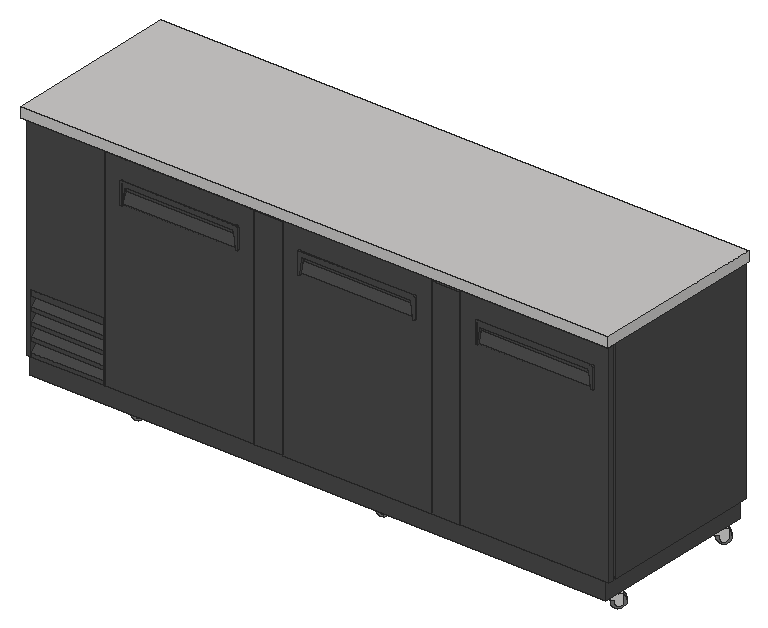
Revit family "QF_Turbo Air_TBB-4SB", category Specialty Equipment, Revit 2014
Parameters (values of type "Black Laminate Exterior")
  Weight in Pounds = 493
  Watermarked By = ""
  Volts = 115 V
  URL Cutsheet = ""
  URL = "www.turboairinc.com"
  Status [instance] = ""
  Specification by User [instance] = ""
  Specification by Manufacturer [instance] = ""
  Serial Number [instance] = ""
  Revision Code [instance] = ""
  Phase = 1
  Number of Poles [instance] = 1
  NAFEM Spec ID Number [instance] = ""
  Model = "TBB-4SB"
  Masterspec [instance] = ""
  Manufacturer = "Turbo Air"  # constant formula
  Item Number [instance] = "-"
  Installed By [instance] = ""
  HP = "1/3"
  Furnished By [instance] = ""
  Foodservice Equipment Identifier = yes
  FL Amps = 7.5 A
  Electrical Remarks [instance] = ""
  Electric Connection Type [instance] = ""
  Elec Conn RI Height [instance] = 0' - 0"
  Elec Conn Connection Height [instance] = CasterLeg Height + 0' 2"  # 0' - 5"
  Description = "Back Bar"
  Cycle = 60 Hz
  Conn Plug = "NEMA 5-15P"
  CasterLeg Height [instance] = if([2 inch Casters], 0' 3", if([4 inch Casters], 0' 5", 0' 6"))  # 0' - 3"
  CSI MasterFormat = "11 46 13"
  Assembly Code = "E1090320"
  Apparent Power = if(Phase = 3, Volts * FL Amps * 1.73, Volts * FL Amps)  # 862.5 VA
  6 inch Legs [instance] = no
  4 inch Casters [instance] = no
  2 inch Casters [instance] = yes
Reference planes (in)
  plane 1 "BACK": y = 0
  plane 2: z = 0
  plane 3 "LEFT": x = -16.56573
  plane 4 "RIGHT": x = 73.80927
  plane 5 "FRONT": y = -27.125
  plane 6 "Bumber Back": y = 2
  plane 7 "Bottom": z = 3
  plane 8 "Counter Top": z = 40
  plane 9 "Counter Bottom": z = 38.4375
  plane 10 "Vent Bottom": z = 5.5625
  plane 11 "Box Left": x = -16.19073
  plane 12 "Vents Left": x = -15.56573
  plane 13 "Vents Right": x = -4.00323
  plane 14 "Doors Back": y = -24.9375
  plane 15 "Vents Front": y = -26.375
  plane 16 "Vent Top": z = 14.8125
  plane 17 "Box Right": x = 73.43427
  plane 18: x = 50.62177
  plane 19: x = 18.80927
  plane 20 "Door Clearance": y = -48.375
  plane 21: x = 34.71552
  plane 22: x = 23.30927
  plane 23: x = 46.12177
Forms (in)
  Extrusion 1, solid, material "QF_Plastic-Black-Fine Textured"
    sketch origin (0, 0, 3) x (0, 1, 0) y (-1, 0, 0)
      loop
        line (-0.625, 15.75323) -> (-26.3125, 15.75323) -> (-26.3125, -72.99677) -> (-0.625, -72.99677) -> (-0.625, 15.75323)
    from 0 to 2.5625
  Extrusion 2, solid, material "QF_Plastic-Black-Fine Textured"
    sketch origin (-15.56573, 0, 0) x (0, 1, 0) y (0, 0, 1)
      loop
        line (-26.375, 12.375) -> (-26.375, 11.8125) -> (-26, 11.8125) -> (-26, 11.875) -> (-26.3125, 11.875) -> (-26.3125, 12.34911) -> (-25.04917, 13.61244) -> (-25.09337, 13.65663) -> (-26.375, 12.375)
      loop
        line (-26.375, 10.3125) -> (-26.375, 9.75) -> (-26, 9.75) -> (-26, 9.8125) -> (-26.3125, 9.8125) -> (-26.3125, 10.28661) -> (-25.04917, 11.54994) -> (-25.09337, 11.59413) -> (-26.375, 10.3125)
      loop
        line (-26.375, 8.25) -> (-26.375, 7.6875) -> (-26, 7.6875) -> (-26, 7.75) -> (-26.3125, 7.75) -> (-26.3125, 8.22411) -> (-25.04917, 9.48744) -> (-25.09337, 9.53163) -> (-26.375, 8.25)
      loop
        line (-26.375, 6.125) -> (-26.375, 5.5625) -> (-25.8125, 5.5625) -> (-25.8125, 5.625) -> (-26.3125, 5.625) -> (-26.3125, 6.09911) -> (-25.04917, 7.36244) -> (-25.09337, 7.40663) -> (-26.375, 6.125)
      loop
        line (-26.375, 14.8125) -> (-26.375, 13.875) -> (-26, 13.875) -> (-26, 13.9375) -> (-26.3125, 13.9375) -> (-26.3125, 14.41161) -> (-25.91161, 14.8125) -> (-26.375, 14.8125)
    from 0 to 11.3125
  Extrusion 3, solid, material "QF_Plastic-Black-Matte"
    sketch origin (0, 2, 0) x (1, 0, 0) y (0, 0, 1)
      loop
        circle (-10.62823, 34.5) r 0.8125
      loop
        circle (67.87177, 34.5) r 0.8125
    from 0 to 2
  Extrusion 4, solid, material "QF_Plastic-Black-Matte"
    sketch origin (0, 0, 0) x (1, 0, 0) y (0, 0, 1)
      loop
        circle (-10.09698, 5) r 0.25
    from 0.625 to 0.5625
  Extrusion 5, solid, material "QF_Plastic-Black-Fine Textured"
    sketch origin (0, 0, 5.5625) x (0, 1, 0) y (-1, 0, 0)
      loop
        line (0, 16.19073) -> (-24.9375, 16.19073) -> (-24.9375, -73.43427) -> (0, -73.43427) -> (0, 16.19073)
    from 0 to 32.875
  Extrusion 6, solid, material "QF_Plastic-Black-Fine Textured"
    sketch origin (0, -24.9375, 0) x (1, 0, 0) y (0, 0, 1)
      loop
        line (-16.19073, 38.4375) -> (-16.19073, 5.5625) -> (-15.56573, 5.5625) -> (-15.56573, 14.8125) -> (-4.25323, 14.8125) -> (-4.25323, 5.5625) -> (-4.12823, 5.5625) -> (-4.12823, 38.4375) -> (-16.19073, 38.4375)
    from 0 to 1.4375
  Extrusion 7, solid, material "QF_Stainless-Polished"
    sketch origin (0, 0, 38.4375) x (0, 1, 0) y (-1, 0, 0)
      loop
        line (0, 16.56573) -> (-27.125, 16.56573) -> (-27.125, -73.80927) -> (0, -73.80927) -> (0, 16.56573)
    from 0 to 1.5625
  Extrusion 8, solid, material "QF_Clearance", detail levels coarse+medium
    sketch origin (0, 0, 5.5625) x (0, 1, 0) y (-1, 0, 0)
      loop
        line (-48.375, -73.43427) -> (-26.375, -73.43427) -> (-26.375, -50.62177)
        arc (-26.375, -50.62177) -> (-41.98315, -57.584) -> (-48.375, -73.43427) r 22.8125
    from 0 to 32.3125
  Extrusion 9, solid, material "QF_Clearance", detail levels coarse+medium
    sketch origin (0, 0, 5.5625) x (0, 1, 0) y (-1, 0, 0)
      loop
        arc (-48.375, 4.00323) -> (-41.98315, -11.84705) -> (-26.375, -18.80927) r 22.8125
        line (-26.375, -18.80927) -> (-26.375, 4.00323) -> (-48.375, 4.00323)
    from 0 to 32.3125
  Extrusion 10, solid, material "QF_Plastic-Black-Fine Textured"
    sketch origin (0, -24.9375, 0) x (1, 0, 0) y (0, 0, 1)
      loop
        line (18.93427, 37.75) -> (18.93427, 5.5625) -> (23.18427, 5.5625) -> (23.18427, 37.75) -> (18.93427, 37.75)
      loop
        line (46.24677, 37.75) -> (46.24677, 5.5625) -> (50.49677, 5.5625) -> (50.49677, 37.75) -> (46.24677, 37.75)
    from 0 to 1.4375
  Extrusion 11, solid, material "QF_Clearance", detail levels coarse+medium
    sketch origin (42.11855, 0, 5.5625) x (0, 1, 0) y (-1, 0, 0)
      loop
        line (-48.375, -4.00323) -> (-26.375, -4.00323) -> (-26.375, 18.80927)
        arc (-26.375, 18.80927) -> (-41.98315, 11.84705) -> (-48.375, -4.00323) r 22.8125
    from 0 to 32.3125
Lines and regions (in)
  symbolic lines
    curve 1: line (-16.56573, 0, 3) -> (73.80927, 0, 3)
    curve 2: line (-16.56573, -27.125, 3) -> (-16.56573, 0, 3)
    curve 3: line (73.80927, -27.125, 3) -> (-16.56573, -27.125, 3)
    curve 4: line (73.80927, 0, 3) -> (73.80927, -27.125, 3)
    curve 5: line (-11.44073, 2, 3) -> (-9.81573, 2, 3)
    curve 6: line (67.05927, 2, 3) -> (68.68427, 2, 3)
    curve 7: line (-11.44073, 2, 3) -> (-11.44073, 0, 3)
    curve 8: line (-9.81573, 2, 3) -> (-9.81573, 0, 3)
    curve 9: line (67.05927, 2, 3) -> (67.05927, 0, 3)
    curve 10: line (68.68427, 2, 3) -> (68.68427, 0, 3)
  symbolic lines, style "QF_Clearances_Door_Drawer", detail levels coarse+medium
    curve 11: line (-4.00323, -27.125, 5.5625) -> (-4.00323, -48.375, 5.5625)
    curve 12: arc (-4.00323, -48.375, 5.5625) -> (11.57461, -42.24159, 5.5625) -> (18.77018, -27.125, 5.5625) r 22.8125
    curve 13: line (73.43427, -27.125, 5.5625) -> (73.43427, -48.375, 5.5625)
    curve 14: arc (73.43427, -48.375, 5.5625) -> (57.85644, -42.24159, 5.5625) -> (50.66087, -27.125, 5.5625) r 22.8125
    curve 15: line (46.12177, -27.125, 5.5625) -> (46.12177, -48.375, 5.5625)
    curve 16: arc (46.12177, -48.375, 5.5625) -> (30.54394, -42.24159, 5.5625) -> (23.34837, -27.125, 5.5625) r 22.8125
    curve 17: arc (46.12177, -48.375, 5.5625) -> (30.54394, -42.24159, 5.5625) -> (23.34837, -27.125, 5.5625) r 22.8125
Dimensions and locks (in)
  plane 4 "RIGHT" to plane 3 "LEFT" = 7' - 6 3/8"
  locked: plane 5 "FRONT" to plane 1 "BACK" at 27.125
  locked: plane 1 "BACK" to plane 6 "Bumber Back" at 2
  "CasterLeg Height": plane 7 "Bottom" to level
  locked: plane 8 "Counter Top" to plane 7 "Bottom" at 37
  locked: plane 8 "Counter Top" to plane 9 "Counter Bottom" at 1.5625
  locked: plane 10 "Vent Bottom" to plane 7 "Bottom" at 2.5625
  locked: Extrusion 1 sketch curve to plane 1 "BACK" at 0.625
  locked: plane 3 "LEFT" to Extrusion 1 sketch curve at 0.8125
  locked: Extrusion 1 sketch curve to plane 4 "RIGHT" at 0.8125
  locked: plane 3 "LEFT" to nested 1 at 3
  locked: nested 1 to plane 1 "BACK" at 3
  locked: nested 3 to plane 1 "BACK" at 3
  locked: nested 3 to plane 4 "RIGHT" at 3
  locked: plane 3 "LEFT" to nested 4 at 13.5625
  locked: nested 5 to plane 4 "RIGHT" at 3
  locked: plane 9 "Counter Bottom" to Extrusion 3 sketch curve at 3.9375  (x2)
  locked: Extrusion 3 sketch curve to plane 3 "LEFT" at 5.9375
  locked: plane 4 "RIGHT" to Extrusion 3 sketch curve at 5.9375
  locked: Extrusion 4 sketch curve to plane 7 "Bottom" at 2
  locked: plane 3 "LEFT" to plane 11 "Box Left" at 0.375
  locked: plane 5 "FRONT" to plane 14 "Doors Back" at 2.1875
  locked: plane 5 "FRONT" to plane 15 "Vents Front" at 0.75
  locked: plane 16 "Vent Top" to plane 10 "Vent Bottom" at 9.25
  locked: plane 5 "FRONT" to nested 7 at 3.875
  locked: plane 5 "FRONT" to nested 8 at 3.875
  plane 11 "Box Left" to plane 13 "Vents Right" = 1' - 0 3/16"
  locked: plane 17 "Box Right" to plane 4 "RIGHT" at 0.375
  locked: plane 11 "Box Left" to plane 12 "Vents Left" at 0.625
  locked: Extrusion 6 sketch curve to plane 13 "Vents Right" at 0.125
  locked: Extrusion 6 sketch curve to Extrusion 6 sketch curve at 0.125
  locked: nested 10 to plane 1 "BACK" at 3
  locked: plane 5 "FRONT" to nested 11 at 3.875
  equal spacing: plane 13 "Vents Right", nested 10, plane 17 "Box Right"
  equal spacing: plane 13 "Vents Right", nested 11, plane 17 "Box Right"
  locked: plane 20 "Door Clearance" to plane 1 "BACK" at 48.375
  locked: plane 18 to plane 17 "Box Right" at 22.8125
  locked: plane 13 "Vents Right" to plane 19 at 22.8125
  equal spacing: plane 13 "Vents Right", plane 21, plane 17 "Box Right"
  locked: plane 22 to plane 21 at 11.40625
  locked: plane 21 to plane 23 at 11.40625
  equal spacing: plane 13 "Vents Right", Extrusion 4 sketch curve, plane 11 "Box Left"
  locked: plane 9 "Counter Bottom" to Extrusion 10 sketch curve at 0.6875  (x2)
  locked: Extrusion 10 sketch curve to plane 18 at 0.125
  locked: Extrusion 10 sketch curve to plane 23 at 0.125
  locked: Extrusion 10 sketch curve to plane 19 at 0.125
  locked: Extrusion 10 sketch curve to plane 22 at 0.125
  aligned and locked: level to plane 2
  aligned and locked: plane 10 "Vent Bottom" to Extrusion 1
  aligned and locked: nested 1 to nested 2
  aligned and locked: nested 2 to nested 1
  aligned and locked: nested 6 to nested 3  (x2)
  aligned and locked: nested 4 to nested 8
  aligned and locked: nested 8 to nested 4
  aligned and locked: nested 7 to nested 5  (x2)
  aligned and locked: plane 1 "BACK" to Extrusion 3
  aligned and locked: plane 3 "LEFT" to curve 2
  aligned and locked: curve 3 to plane 5 "FRONT"
  aligned and locked: plane 1 "BACK" to curve 1
  aligned and locked: curve 5 to Extrusion 3
  aligned and locked: curve 6 to Extrusion 3
  aligned and locked: nested 9 to plane 10 "Vent Bottom"
  aligned and locked: plane 1 "BACK" to Extrusion 5 sketch curve
  aligned and locked: plane 11 "Box Left" to Extrusion 5 sketch curve
  aligned and locked: Extrusion 5 sketch curve to plane 14 "Doors Back"
  aligned and locked: Extrusion 5 sketch curve to plane 17 "Box Right"
  aligned and locked: plane 9 "Counter Bottom" to Extrusion 5
  aligned and locked: plane 13 "Vents Right" to nested 9
  aligned and locked: plane 19 to nested 9
  aligned and locked: plane 10 "Vent Bottom" to Extrusion 6 sketch curve
  aligned and locked: Extrusion 6 sketch curve to plane 10 "Vent Bottom"
  aligned and locked: plane 11 "Box Left" to Extrusion 6 sketch curve
  aligned and locked: Extrusion 6 sketch curve to plane 16 "Vent Top"
  aligned and locked: Extrusion 6 sketch curve to plane 9 "Counter Bottom"
  aligned and locked: Extrusion 6 sketch curve to plane 12 "Vents Left"
  aligned and locked: plane 15 "Vents Front" to Extrusion 6
  aligned and locked: Extrusion 2 sketch curve to plane 16 "Vent Top"
  aligned and locked: Extrusion 2 to Extrusion 6
  aligned and locked: plane 3 "LEFT" to Extrusion 7 sketch curve
  aligned and locked: Extrusion 7 sketch curve to plane 5 "FRONT"
  aligned and locked: Extrusion 7 sketch curve to plane 4 "RIGHT"
  aligned and locked: plane 1 "BACK" to Extrusion 7 sketch curve
  aligned and locked: plane 8 "Counter Top" to Extrusion 7
  aligned and locked: nested 10 to nested 12
  aligned and locked: nested 12 to nested 10
  aligned and locked: nested 11 to nested 13
  aligned and locked: nested 13 to nested 11
  aligned and locked: Extrusion 9 to nested 9
  aligned and locked: Extrusion 8 to nested 9
  aligned and locked: plane 10 "Vent Bottom" to nested 15
  aligned and locked: nested 14 to plane 10 "Vent Bottom"
  aligned and locked: plane 10 "Vent Bottom" to Extrusion 10 sketch curve  (x2)
Automatic sketch dimensions
  Extrusion 1 sketch curve to plane 15 "Vents Front" = 0' - 0 1/16"
  Extrusion 2 sketch curve to plane 15 "Vents Front" = 0' - 0"  (x5)
  Extrusion 2 sketch curve to plane 10 "Vent Bottom" = 0' - 0"
  Extrusion 2 sketch curve to plane 15 "Vents Front" = 0' - 0 1/16"  (x5)
  Extrusion 2 sketch curve to Extrusion 2 sketch curve = 0' - 0 5/16"  (x4)
  Extrusion 2 sketch curve to plane 15 "Vents Front" = 0' - 0.46339"
  Extrusion 2 sketch curve to Extrusion 2 sketch curve = 0' - 0 1/2"
  plane 14 "Doors Back" to Extrusion 2 sketch curve = 0' - 0.15587"  (x4)
  Extrusion 2 sketch curve to Extrusion 2 sketch curve = 0' - 0.04419"  (x4)
  plane 10 "Vent Bottom" to Extrusion 2 sketch curve = 0' - 0 1/16"
  Extrusion 2 sketch curve to Extrusion 2 sketch curve = 0' - 0.47411"  (x4)
  Extrusion 2 sketch curve to Extrusion 2 sketch curve = 0' - 0.02589"  (x4)
  Extrusion 2 sketch curve to Extrusion 2 sketch curve = 0' - 0.28087"
  Extrusion 2 sketch curve to Extrusion 2 sketch curve = 0' - 0 1/16"  (x4)
  Extrusion 2 sketch curve to Extrusion 2 sketch curve = 0' - 0.21837"  (x2)
  Extrusion 2 sketch curve to Extrusion 2 sketch curve = 0' - 0 15/16"
  Extrusion 2 sketch curve to plane 16 "Vent Top" = 0' - 0.40089"
  curve 1 to plane 4 "RIGHT" = 0' - 0"
  curve 10 to plane 17 "Box Right" = 0' - 4 3/4"
  curve 6 to curve 9 = 0' - 1 5/8"
  plane 12 "Vents Left" to curve 5 = 0' - 5 3/4"
  curve 5 to curve 7 = 0' - 1 5/8"
  curve 16 to curve 17 = 0' - 0"  (x2)
  curve 11 to plane 13 "Vents Right" = 0' - 0"
  plane 20 "Door Clearance" to curve 11 = 0' - 0"
  plane 20 "Door Clearance" to curve 17 = 0' - 0"
  curve 14 to plane 17 "Box Right" = 0' - 0"
  plane 20 "Door Clearance" to curve 14 = 0' - 0"
  plane 5 "FRONT" to curve 14 = 0' - 0"
  plane 5 "FRONT" to curve 15 = 0' - 0"
  plane 5 "FRONT" to curve 12 = 0' - 0"
  plane 5 "FRONT" to curve 13 = 0' - 0"
  plane 5 "FRONT" to curve 16 = 0' - 0"
  plane 5 "FRONT" to curve 11 = 0' - 0"
  plane 5 "FRONT" to curve 17 = 0' - 0"
  curve 17 to plane 23 = 0' - 0"
  curve 14 to plane 17 "Box Right" = 0' - 0.01447"
  plane 14 "Doors Back" to curve 14 = 0' - 0 5/8"
  plane 23 to curve 17 = 0' - 0.01447"
  plane 14 "Doors Back" to curve 17 = 0' - 0 5/8"
  plane 13 "Vents Right" to curve 12 = 0' - 0.01447"
  plane 14 "Doors Back" to curve 12 = 0' - 0 5/8"
  Extrusion 8 sketch curve to plane 17 "Box Right" = 0' - 0"
  plane 20 "Door Clearance" to Extrusion 8 sketch curve = 0' - 0"
  plane 15 "Vents Front" to Extrusion 8 sketch curve = 0' - 0"
  Extrusion 8 sketch curve to plane 18 = 0' - 0"
  Extrusion 8 sketch curve to plane 17 "Box Right" = 0' - 0.01447"
  Extrusion 9 sketch curve to plane 13 "Vents Right" = 0' - 0"
  plane 20 "Door Clearance" to Extrusion 9 sketch curve = 0' - 0"
  plane 15 "Vents Front" to Extrusion 9 sketch curve = 0' - 0"
  Extrusion 9 sketch curve to plane 19 = 0' - 0"
  plane 13 "Vents Right" to Extrusion 9 sketch curve = 0' - 0.01447"
  plane 20 "Door Clearance" to Extrusion 11 sketch curve = 0' - 0"
  plane 15 "Vents Front" to Extrusion 11 sketch curve = 0' - 0"
  Extrusion 11 sketch curve to plane 22 = 0' - 0"
  Extrusion 11 sketch curve to plane 23 = 0' - 0"
  Extrusion 11 sketch curve to plane 23 = 0' - 0.01447"
  radius of Extrusion 3 sketch curve = 0' - 0 13/16"  (x2)
  radius of Extrusion 4 sketch curve = 0' - 0 1/4"
Nested families (in)
  nested 1: "FESCasterLeg2014" at (-13.56573, -3, 0), Casters <- "4 inch Casters", Legs <- "6 inch Legs", Height <- "CasterLeg Height", type "FESCasterLeg2014"
    with Legs no, Height 0' - 3", Casters no, Caster Radius 0' - 1"
  nested 2: "FES3Caster-2014" at (-13.56573, -3, 0), visible <- "2 inch Casters", type "FES3Caster"
  nested 3: "FESCasterLeg2014" at (70.80927, -3, 0), Casters <- "4 inch Casters", Legs <- "6 inch Legs", Height <- "CasterLeg Height", type "FESCasterLeg2014"
    with Legs no, Height 0' - 3", Casters no, Caster Radius 0' - 1"
  nested 4: "FESCasterLeg2014" at (-3.00323, -23.25, 0), Casters <- "4 inch Casters", Legs <- "6 inch Legs", Height <- "CasterLeg Height", type "FESCasterLeg2014"
    with Legs no, Height 0' - 3", Casters no, Caster Radius 0' - 1"
  nested 5: "FESCasterLeg2014" at (70.80927, -23.25, 0), Casters <- "4 inch Casters", Legs <- "6 inch Legs", Height <- "CasterLeg Height", type "FESCasterLeg2014"
    with Legs no, Height 0' - 3", Casters no, Caster Radius 0' - 1"
  nested 6: "FES3Caster-2014" at (70.80927, -3, 0), visible <- "2 inch Casters", type "FES3Caster"
  nested 7: "FES3Caster-2014" at (70.80927, -23.25, 0), visible <- "2 inch Casters", type "FES3Caster"
  nested 8: "FES3Caster-2014" at (-3.00323, -23.25, 0), visible <- "2 inch Casters", type "FES3Caster"
  nested 9: "QF_Turbo Air_UC-Solid Door" at (12.5625, -24.9375, 5.5625), type "QF_Turbo Air_UC-Solid Door"
    with Width 1' - 10 13/16", Symbolic Lines no, Height 2' - 8 5/16", Handle Distance 0' - 2 3/8", Door Material QF_Plastic-Black-Fine Textured
  nested 10: "FES3Caster-2014" at (34.71552, -3, 0), visible <- "2 inch Casters", type "FES3Caster"
  nested 11: "FES3Caster-2014" at (34.71552, -23.25, 0), visible <- "2 inch Casters", type "FES3Caster"
  nested 12: "FESCasterLeg2014" at (34.71552, -3, 0), Casters <- "4 inch Casters", Legs <- "6 inch Legs", Height <- "CasterLeg Height", type "FESCasterLeg2014"
    with Legs no, Height 0' - 3", Casters no, Caster Radius 0' - 1"
  nested 13: "FESCasterLeg2014" at (34.71552, -23.25, 0), Casters <- "4 inch Casters", Legs <- "6 inch Legs", Height <- "CasterLeg Height", type "FESCasterLeg2014"
    with Legs no, Height 0' - 3", Casters no, Caster Radius 0' - 1"
  nested 14: "QF_Turbo Air_UC-Solid Door" at (39.875, -24.9375, 5.5625), type "QF_Turbo Air_UC-Solid Door"
    with Width 1' - 10 13/16", Symbolic Lines no, Height 2' - 8 5/16", Handle Distance 0' - 2 3/8", Door Material QF_Plastic-Black-Fine Textured
  nested 15: "QF_Turbo Air_UC-Solid Door" at (56.86855, -24.9375, 5.5625) x (-1, 0, 0) z (0, 0, 1), type "QF_Turbo Air_UC-Solid Door"
    with Width 1' - 10 13/16", Symbolic Lines no, Height 2' - 8 5/16", Handle Distance 0' - 2 3/8", Door Material QF_Plastic-Black-Fine Textured
Connectors (in)
  electrical at (-10.09698, -0.5625, 5), driven by "Number of Poles", driven by "Volts", driven by "Apparent Power"
    settings: on Extrusion 4, index 1, voltage 115 V, apparent load 862.5 VA, apparent load phase1 0 VA, apparent load phase2 0 VA, apparent load phase3 0 VA, power factor 1, load classification "Other", number of poles 1, system type 30, power factor state 1, is connector primary yes, connector utility no, sub classification motor no, connector description "Electric"
Definition of nested family "FES3Caster-2014"
  Parameters (values of type "FES3Caster-2014")
    Watermarked By = "http://revitwatermark.com"
    Type Comments = ""
    Assembly Code = ""
  Reference planes (in)
    plane 1 "Center (Front/Back)": y = 0
    plane 2: z = 0
    plane 3 "Center (Left/Right)": x = 0
    plane 4: z = 3
    plane 5: z = 2.5
  Forms (in)
    Extrusion 1, solid, material "QF_Stainless-Polished-Brushed"
      sketch origin (-24.12131, -22.88887, 10.18833) x (0.707107, 0.707107, 0) y (0, 0, 1)
        loop
          line (34.98772, -9.18833) -> (34.98772, -7.93833) -> (34.48772, -7.93833) -> (34.39402, -7.68833) -> (32.39402, -7.68833) -> (32.39402, -8.43833) -> (33.98772, -8.84206) -> (33.98772, -9.18833)
          arc (33.98772, -9.18833) -> (34.48772, -9.68833) -> (34.98772, -9.18833) r 0.5
      from 0 to 1.75
    Extrusion 2, solid, material "QF_Rubber-Black"
      sketch origin (-24.32327, -23.09083, 13.31461) x (0.707107, 0.707107, 0) y (0, 0, 1)
        loop
          circle (34.77334, -12.31461) r 1
      from 0.375 to 1.375
    Extrusion 3, solid, material "QF_Stainless-Polished-Brushed"
      sketch origin (-7.24148, -8.48391, 0) x (0.707107, 0.707107, 0) y (0, 0, 1)
        loop
          line (10.61603, 2.5) -> (11.61603, 2.5) -> (11.61603, 3) -> (10.61603, 3) -> (10.61603, 2.5)
      from 0 to -1.75
  Lines and regions (in)
    symbolic lines, style "QF_Hidden Details"
      curve 1: line (-1.26158, -0.51911, 0) -> (1.39007, 2.13254, 0)
      curve 2: line (-0.53429, -1.24639, 0) -> (2.11736, 1.40526, 0)
      curve 3: line (-1.26158, -0.51911, 0) -> (1.39007, 2.13254, 0)
      curve 4: line (-0.53429, -1.24639, 0) -> (2.11736, 1.40526, 0)
  Dimensions and locks (in)
    locked: plane 4 to plane 5 at 0.5
    plane 4 to level = 0' - 3"
    Extrusion 2 sketch curve to level = 0' - 1"
    Extrusion 1 sketch curve to level = 0' - 1"
    radius of Extrusion 2 sketch curve = 0' - 1"
    aligned and locked: plane 2 to level
    aligned and locked: Extrusion 3 to plane 5
    aligned and locked: plane 4 to Extrusion 3
    aligned and locked: plane 5 to Extrusion 1
Definition of nested family "QF_Turbo Air_UC-Solid Door"
  Parameters (values of type "QF_Turbo Air_UC-Solid Door")
    Width [instance] = 1' - 10 13/16"
    Watermarked By = ""
    URL = "www.turboairinc.com"
    Symbolic Lines [instance] = yes
    Manufacturer = "Turbo Air"  # constant formula
    Height [instance] = 2' - 8 5/16"
    Handle Distance [instance] = 0' - 2 3/8"
    Door Material [instance] = QF_Stainless-Polished
  Reference planes (in)
    plane 1 "BACK": y = 0
    plane 2: z = 0
    plane 3 "LEFT": x = -16.56573
    plane 4 "RIGHT": x = 6.24677
    plane 5 "Handle Right": x = 3.87177
    plane 6: x = 3.68427
    plane 7 "Handle Left": x = -14.25323
    plane 8: x = -14.06573
    plane 9 "Door Back": y = -0.625
    plane 10 "FRONT": y = -1.4375
    plane 11 "TOP": z = 32.3125
    plane 12 "Handle Top": z = 29.25
    plane 13 "Handle Bottom": z = 25.875
    plane 14: z = 29.0625
    plane 15: z = 26.0625
  Forms (in)
    Extrusion 1, solid, material "QF_Plastic-Black-Matte"
      sketch origin (0, 0, 0) x (1, 0, 0) y (0, 0, 1)
        loop
          line (-14.69073, 29.75) -> (-14.69073, 1.875) -> (4.37177, 1.875) -> (4.37177, 29.75) -> (-14.69073, 29.75)
      from 0 to 0.625
    Extrusion 2, solid, material "QF_Stainless-Polished" <- "Door Material"
      sketch origin (0, -0.625, 0) x (1, 0, 0) y (0, 0, 1)
        loop
          line (-16.56573, 32.3125) -> (-16.56573, 0) -> (6.24677, 0) -> (6.24677, 32.3125) -> (-16.56573, 32.3125)
        loop
          line (-14.06573, 29.0625) -> (-14.06573, 26.0625) -> (3.68427, 26.0625) -> (3.68427, 29.0625) -> (-14.06573, 29.0625)
      from 0 to 0.8125
    Extrusion 3, solid, material "QF_Stainless-Polished" <- "Door Material"
      sketch origin (-14.25323, 0, 0) x (0, 1, 0) y (0, 0, 1)
        loop
          line (-1.4375, 26.0625) -> (-0.625, 26.0625) -> (-0.625, 29.0625) -> (-0.6875, 29.0625) -> (-0.6875, 27.44712) -> (-1.4375, 26.0625)
      from 0.1875 to 17.9375
    Extrusion 4, solid, material "QF_Plastic-Black-Matte"
      sketch origin (0, -1.4375, 0) x (1, 0, 0) y (0, 0, 1)
        loop
          line (-14.25323, 29) -> (-14.25323, 25.9375)
          arc (-14.25323, 25.9375) -> (-14.23492, 25.89331) -> (-14.19073, 25.875) r 0.0625
          line (-14.19073, 25.875) -> (-13.93357, 25.875)
          arc (-13.93357, 25.875) -> (-13.89213, 25.89071) -> (-13.87153, 25.92993) r 0.0625
          line (-13.87153, 25.92993) -> (-13.58582, 28.2727)
          arc (-13.58582, 28.2727) -> (-13.524, 28.39038) -> (-13.3997, 28.4375) r 0.1875
          line (-13.3997, 28.4375) -> (3.01825, 28.4375)
          arc (3.01825, 28.4375) -> (3.14255, 28.39038) -> (3.20437, 28.2727) r 0.1875
          line (3.20437, 28.2727) -> (3.49008, 25.92993)
          arc (3.49008, 25.92993) -> (3.51068, 25.89071) -> (3.55212, 25.875) r 0.0625
          line (3.55212, 25.875) -> (3.80927, 25.875)
          arc (3.80927, 25.875) -> (3.85347, 25.89331) -> (3.87177, 25.9375) r 0.0625
          line (3.87177, 25.9375) -> (3.87177, 29)
          arc (3.87177, 29) -> (3.79855, 29.17678) -> (3.62177, 29.25) r 0.25
          line (3.62177, 29.25) -> (-14.00323, 29.25)
          arc (-14.00323, 29.25) -> (-14.18, 29.17678) -> (-14.25323, 29) r 0.25
      from 0 to 0.125
  Lines and regions (in)
    symbolic lines, visible <- "Symbolic Lines"
      curve 1: line (-16.56573, -0.625, 0) -> (6.24677, -0.625, 0)
      curve 2: line (-16.56573, -1.4375, 0) -> (-16.56573, -0.625, 0)
      curve 3: line (6.24677, -1.4375, 0) -> (-16.56573, -1.4375, 0)
      curve 4: line (6.24677, -0.625, 0) -> (6.24677, -1.4375, 0)
      curve 5: line (-14.69073, 0, 0) -> (-14.69073, -0.625, 0)
      curve 6: line (4.37177, -0.625, 0) -> (4.37177, 0, 0)
      curve 7: line (4.37177, 0, 0) -> (-14.69073, 0, 0)
  Dimensions and locks (in)
    "Width": plane 4 "RIGHT" to plane 3 "LEFT"
    "Handle Distance": plane 5 "Handle Right" to plane 4 "RIGHT"
    locked: plane 6 to plane 5 "Handle Right" at 0.1875
    locked: plane 7 "Handle Left" to plane 8 at 0.1875
    locked: plane 7 "Handle Left" to plane 5 "Handle Right" at 18.125
    locked: plane 9 "Door Back" to plane 1 "BACK" at 0.625
    locked: plane 10 "FRONT" to plane 9 "Door Back" at 0.8125
    "Height": plane 11 "TOP" to plane 2
    locked: plane 11 "TOP" to plane 12 "Handle Top" at 3.0625
    locked: plane 12 "Handle Top" to plane 13 "Handle Bottom" at 3.375
    locked: plane 12 "Handle Top" to plane 14 at 0.1875
    locked: plane 15 to plane 13 "Handle Bottom" at 0.1875
    locked: Extrusion 1 sketch curve to plane 3 "LEFT" at 1.875
    locked: plane 11 "TOP" to Extrusion 1 sketch curve at 2.5625
    locked: Extrusion 1 sketch curve to plane 4 "RIGHT" at 1.875
    locked: Extrusion 1 sketch curve to level at 1.875
    locked: Extrusion 3 sketch curve to plane 9 "Door Back" at 0.0625
    locked: Extrusion 3 sketch curve to plane 15 at 1.38462
    locked: plane 12 "Handle Top" to Extrusion 4 sketch curve at 0.8125
    locked: Extrusion 4 sketch curve to plane 13 "Handle Bottom" at 2.3977  (x2)
    locked: Extrusion 4 sketch curve to plane 7 "Handle Left" at 0.6674
    locked: Extrusion 4 sketch curve to plane 7 "Handle Left" at 0.85352
    locked: plane 5 "Handle Right" to Extrusion 4 sketch curve at 0.6674
    locked: plane 5 "Handle Right" to Extrusion 4 sketch curve at 0.85352
    aligned and locked: level to plane 2
    aligned and locked: plane 9 "Door Back" to Extrusion 1
    aligned and locked: Extrusion 2 sketch curve to plane 11 "TOP"
    aligned and locked: plane 3 "LEFT" to Extrusion 2 sketch curve
    aligned and locked: level to Extrusion 2 sketch curve
    aligned and locked: Extrusion 2 sketch curve to plane 4 "RIGHT"
    aligned and locked: Extrusion 2 sketch curve to plane 14
    aligned and locked: plane 8 to Extrusion 2 sketch curve
    aligned and locked: plane 15 to Extrusion 2 sketch curve
    aligned and locked: Extrusion 2 sketch curve to plane 6
    aligned and locked: plane 10 "FRONT" to Extrusion 2
    aligned and locked: plane 15 to Extrusion 3 sketch curve
    aligned and locked: plane 9 "Door Back" to Extrusion 3 sketch curve
    aligned and locked: Extrusion 3 to plane 8
    aligned and locked: plane 6 to Extrusion 3
    aligned and locked: Extrusion 3 sketch curve to plane 14
    aligned and locked: Extrusion 4 sketch curve to plane 12 "Handle Top"
    aligned and locked: Extrusion 4 sketch curve to plane 7 "Handle Left"
    aligned and locked: Extrusion 4 sketch curve to plane 13 "Handle Bottom"
    aligned and locked: plane 13 "Handle Bottom" to Extrusion 4 sketch curve
    aligned and locked: Extrusion 4 sketch curve to plane 5 "Handle Right"
    aligned and locked: plane 9 "Door Back" to curve 1
    aligned and locked: plane 3 "LEFT" to curve 2
    aligned and locked: curve 3 to plane 10 "FRONT"
    aligned and locked: curve 4 to plane 4 "RIGHT"
    aligned and locked: curve 5 to Extrusion 1
    aligned and locked: curve 6 to Extrusion 1
    aligned and locked: curve 7 to Extrusion 1
  Automatic sketch dimensions
    Extrusion 3 sketch curve to plane 10 "FRONT" = 0' - 0"
    plane 7 "Handle Left" to Extrusion 4 sketch curve = 0' - 0 1/16"
    plane 8 to Extrusion 4 sketch curve = 0' - 0 1/16"
    plane 13 "Handle Bottom" to Extrusion 4 sketch curve = 0' - 0 1/16"  (x2)
    plane 8 to Extrusion 4 sketch curve = 0' - 0.13216"
    plane 13 "Handle Bottom" to Extrusion 4 sketch curve = 0' - 0.05493"  (x2)
    Extrusion 4 sketch curve to plane 6 = 0' - 0.1942"
    Extrusion 4 sketch curve to plane 6 = 0' - 0 1/16"
    Extrusion 4 sketch curve to plane 5 "Handle Right" = 0' - 0 1/16"
Definition of nested family "FESCasterLeg2014"
  Parameters (values of type "FESCasterLeg2014")
    Watermarked By = "http://revitwatermark.com"
    Type Comments = "⍁⍉⌁⌀⏭⎽⌇⍠⌜⍉⎖⌥⌦⌯⍭⏊⍻⍿⍊⏵⍊⏗⏠⍴⎡⌈⎀⍠⌓⌤⏘⎐⍀⌐⏬⏁⎈⏍⏦⎒⏬⌝⍩⍇⌣〈⎫〉⎁⏊⍥⍖⍥⍝⍦⌖⍀⏌⏭⎝⎼⏷⏞⍻⏯⎽⏷⏞⍻⏯⎽⏷⎺⌻⎝⍎⌧⏷⏟⏿⌿⍜⍦⍤⌁⍬⏶⏎⍊⏚⏉⎞⌡⎀⎪⏈⌟⌿⍾⍼⌟⌿⌢⌞⏜⏝⎽⍷⍷⍯⍧⍷⌯⍽⏸⏨⏾⏎⌣⏺⍹⏼⏅⎏⌽⎫⎪⍙⎓⏗⎗⏅⌴⍏⍏⍿⏑⎺⍘⌭⏲⍥⎛⎾⎾⍞⍌⎪⎲⌙⎥⏏⎟⎟⏼⏘⎏⎝⏧⏍⏁⍏⍧⏯⏾⌟"
    Legs [instance] = yes
    Height [instance] = 0' - 6"
    Caster Radius [instance] = if(Height < 0' 3", 0' 1", (Height / 2) - 0' 0 1/2")  # 0' - 2 1/2"
    Casters [instance] = yes
    Assembly Code = ""
  Reference planes (in)
    plane 1 "Center (Front/Back)": y = 0
    plane 2: z = 0
    plane 3 "Center (Left/Right)": x = 0
    plane 4: z = 6
    plane 5: z = 5.5
  Forms (in)
    Extrusion 1, solid, material "QF_Stainless-Polished", visible <- "Casters"
      sketch origin (-24.12131, -22.88887, 10.18833) x (0.707107, 0.707107, 0) y (0, 0, 1)
        loop
          line (34.98772, -7.68833) -> (34.98772, -4.93833) -> (34.48772, -4.93833) -> (34.39402, -4.68833) -> (32.39402, -4.68833) -> (32.39402, -5.43833) -> (33.98772, -7.34206) -> (33.98772, -7.68833)
          arc (33.98772, -7.68833) -> (34.48772, -8.18833) -> (34.98772, -7.68833) r 0.5
      from 0 to 1.75
    Extrusion 2, solid, material "QF_Rubber-Black", visible <- "Casters"
      sketch origin (-24.32327, -23.09083, 13.31461) x (0.707107, 0.707107, 0) y (0, 0, 1)
        loop
          circle (34.77334, -10.81461) r 2.5
      from 0.375 to 1.375
    Extrusion 3, solid, material "QF_Stainless-Polished", visible <- "Casters"
      sketch origin (-7.24148, -8.48391, 0) x (0.707107, 0.707107, 0) y (0, 0, 1)
        loop
          line (10.61603, 5.5) -> (11.61603, 5.5) -> (11.61603, 6) -> (10.61603, 6) -> (10.61603, 5.5)
      from 0 to -1.75
    Blend 4, solid, material "QF_Stainless-Polished", visible <- "Legs"
      base sketch origin (0, 0, 0) x (1, 0, 0) y (0, 1, 0)
        loop
          circle (0, 0) r 0.5
      top sketch origin (0, 0, 0) x (1, 0, 0) y (0, 1, 0)
        loop
          circle (0, 0) r 1
      from 0 to 6 <- "Height"
  Lines and regions (in)
    symbolic lines, style "QF_Hidden Details", visible <- "Casters", built-in parameter 1006206 <- "Casters"
      curve 1: line (-1.26158, -0.51911, 0) -> (1.39007, 2.13254, 0)
      curve 2: line (-0.53429, -1.24639, 0) -> (2.11736, 1.40526, 0)
    symbolic lines, style "QF_Hidden Details", built-in parameter 1006206 <- "Casters", visible <- "Casters"
      curve 3: line (-1.26158, -0.51911, 0) -> (1.39007, 2.13254, 0)
      curve 4: line (-0.53429, -1.24639, 0) -> (2.11736, 1.40526, 0)
  Dimensions and locks (in)
    locked: plane 4 to plane 5 at 0.5
    "Height": plane 4 to level
    "Caster Radius": Extrusion 2 sketch curve to level
    "Caster Radius": Extrusion 1 sketch curve to level
    "Caster Radius": radius of Extrusion 2 sketch curve
    aligned and locked: plane 2 to level
    aligned: Blend 4 to Extrusion 3
    aligned and locked: plane 4 to Blend 4
    aligned and locked: Extrusion 3 to plane 5
    aligned and locked: plane 4 to Extrusion 3
    aligned and locked: plane 5 to Extrusion 1
  Automatic sketch dimensions
    plane 1 "Center (Front/Back)" to curve 3 = 0' - 0.51911"
    curve 3 to plane 3 "Center (Left/Right)" = 0' - 1.26158"
    plane 1 "Center (Front/Back)" to curve 1 = 0' - 0.51911"
    curve 1 to curve 3 = 0' - 0"  (x3)
    curve 4 to plane 3 "Center (Left/Right)" = 0' - 0.53429"
    curve 2 to curve 4 = 0' - 0"  (x2)
    plane 3 "Center (Left/Right)" to curve 3 = 0' - 1.39007"
    curve 1 to curve 4 = 0' - 0.72729"
    curve 2 to curve 1 = 0' - 0.72729"
    curve 4 to curve 2 = 0' - 0"  (x2)
    curve 2 to plane 1 "Center (Front/Back)" = 0' - 1.40526"
    curve 2 to curve 3 = 0' - 0.72729"
    Extrusion 3 sketch curve to plane 5 = 0' - 0"
    plane 4 to Extrusion 3 sketch curve = 0' - 0"
    Extrusion 3 sketch curve to Extrusion 3 sketch curve = 0' - 1"
    plane 1 "Center (Front/Back)" to Blend 4 sketch curve = 0' - 0"  (x2)
    Blend 4 sketch curve to plane 3 "Center (Left/Right)" = 0' - 0"  (x2)
    Extrusion 1 sketch curve to plane 5 = 0' - 0"
    Extrusion 1 sketch curve to plane 5 = 0' - 2.65373"
    Extrusion 1 sketch curve to Extrusion 1 sketch curve = 0' - 1.5937"
    Extrusion 1 sketch curve to Extrusion 1 sketch curve = 0' - 2"
    Extrusion 1 sketch curve to Extrusion 1 sketch curve = 0' - 0.0937"
    Extrusion 1 sketch curve to Extrusion 1 sketch curve = 0' - 0 1/2"
    Extrusion 1 sketch curve to plane 5 = 0' - 0 3/4"
    Extrusion 1 sketch curve to plane 5 = 0' - 0 1/4"
    radius of Blend 4 sketch curve = 0' - 0 1/2"
    radius of Blend 4 sketch curve = 0' - 1"
